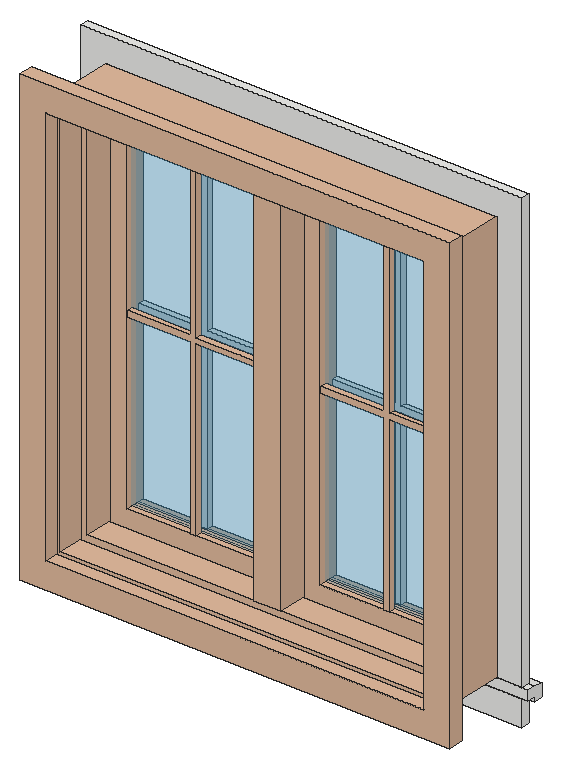
Revit family "Window-Casement-Double", category Windows, host Wall, Revit 2023
Family settings
  Host = Wall
  OmniClass Number = 23.30.20.17.21.14
  OmniClass Title = Casement Windows
  Always vertical = Yes
  Cut with Voids When Loaded = Yes
  Shared = Yes
  Room Calculation Point = Yes
Parameters (values of type "34" x 36"")
  Frame Extension [instance] = if(Exterior Trim Visibility, Window Inset + 0' 0 1/4", 0' 0 1/4")  # 0' - 0 1/4"
  Window Inset [instance] = 0' - 0"
  Wall Thickness [instance] = 0' - 6"
  Interior Wall Closure [instance] = 0' - 2 1/4"
  Interior Trim Material = Wood - Stained
  Half Width = Width / 2  # 1' - 5"
  Visual Light Transmittance = 0.81
  Thermal Resistance (R) = 1.8146 (h·ft²·°F)/BTU
  Solar Heat Gain Coefficient = 0.76
  Rough Width = Width + 0' 0 1/2"  # 2' - 10 1/2"
  Rough Height = Height + 0' 0 1/2"  # 3' - 0 1/2"
  Muntin Visibility = yes
  Muntin Pattern = Muntin Pattern_2x2 : Muntin Pattern_2x2
  Interior Trim Visibility [instance] = yes
  Interior Trim = Trim-Window-Interior-Flat : Picture Frame
  Height = 3' - 0"
  Interior Frame Material = Wood - Stained
  Heat Transfer Coefficient (U) = 0.5511 BTU/(h·ft²·°F)
  Glass Panel Material = Glass
  Fire Rating = "0.5h"
  Exterior Wall Closure [instance] = 0' - 1 1/4"
  Exterior Trim Visibility [instance] = yes
  Exterior Trim Material = Clad - White
  Exterior Trim = Trim-Window-Exterior-Flat : with Sill
  Exterior Frame Material = Clad - White
  Extension Jamb Visibility [instance] = and(Interior Trim Visibility, Wall Thickness - Window Inset > 0' 3 3/4")  # yes
  Extension Jamb [instance] = if(Wall Thickness - Window Inset > 0' 3 3/4", Wall Thickness - Window Inset - 0' 3 3/4", 0' 1")  # 0' - 2 1/4"
  Define Thermal Properties by = Schematic Type
  Default Sill Height = 3' - 0"
  Wall Closure = By host
  Width = 2' - 10"
  Assembly Code = "B2020100"
  Analytic Construction = "Double glazing - domestic"
Reference planes (in)
  plane 1 "Center (Front/Back)": y = 0
  plane 2: z = 0
  plane 3 "Center (Left/Right)": x = 0
  plane 4 "Left": x = -17
  plane 5 "Right": x = 17
  plane 6 "Sill": z = 36
  plane 7 "Top": z = 72
  plane 8 "Inset Face": y = 3
  plane 9 "Wall Closure": y = -0.75
  plane 10 "Sash Face": y = 3.5
  plane 11 "Exterior": y = 3
  plane 12: x = 16.5
  plane 13: x = -16.5
  plane 14: z = 71.5
  plane 15: z = 36.5
  plane 16: x = 14.25
  plane 17: x = -14.25
  plane 18: z = 69.25
  plane 19: z = 38.75
  plane 20: x = 0.375
  plane 21: x = -0.375
  plane 22: y = 2.25
  plane 23 "Glass": y = 2.625
  plane 24 "Middle": z = 54
  plane 25: y = 3.75
  plane 26: y = 3.75
  plane 27 "Interior": y = -3
  plane 28 "Jamb": y = -0.75
  plane 29: x = -1.1875
  plane 30: x = 1.1875
  plane 31: x = 2.625
  plane 32: x = -2.625
  plane 33: y = -0.75
  plane 34: y = 1.75
  plane 35: y = 3.75
Forms (in)
  Sweep 1, solid, material "Wood - Stained" <- "Interior Frame Material"
    path origin (0, 3.5, 0) x (-1, 0, 0) y (0, 0, 1)
      loop
        line (-17, 36) -> (17, 36) -> (17, 72) -> (-17, 72) -> (-17, 36)
    profile origin (17, 3.5, 54) x (1, 0, 0) y (0, 1, 0)
      loop
        line (0, 0.25) -> (-0.5, 0.25) -> (-0.5, -1.75) -> (-1.25, -1.75) -> (-1.25, -4.25) -> (0, -4.25) -> (0, 0.25)
  Extrusion 2, solid, material "Wood - Stained" <- "Interior Frame Material", visible <- "Extension Jamb Visibility"
    sketch origin (0, 0, 0) x (1, 0, 0) y (0, 0, 1)
      loop
        line (17, 72) -> (-17, 72) -> (-17, 36) -> (17, 36) -> (17, 72)
      loop
        line (16.25, 36.75) -> (16.25, 71.25) -> (-16.25, 71.25) -> (-16.25, 36.75) -> (16.25, 36.75)
    from 0.75 to 3
  Sweep 3, solid, material "Wood - Stained" <- "Interior Frame Material"
    path origin (0, 3.5, 0) x (-1, 0, 0) y (0, 0, 1)
      loop
        line (-16.5, 71.5) -> (-16.5, 36.5) -> (-0.375, 36.5) -> (-0.375, 71.5) -> (-16.5, 71.5)
    profile origin (16.5, 3.5, 54) x (0, 1, 0) y (-1, 0, 0)
      loop
        line (0, 0) -> (0, 2.25) -> (-1.75, 2.25) -> (-1.75, 0) -> (0, 0)
  Sweep 4, solid, material "Wood - Stained" <- "Interior Frame Material"
    path origin (0, 3.5, 0) x (-1, 0, 0) y (0, 0, 1)
      loop
        line (0.375, 36.5) -> (16.5, 36.5) -> (16.5, 71.5) -> (0.375, 71.5) -> (0.375, 36.5)
    profile origin (-0.375, 3.5, 54) x (1, 0, 0) y (0, 1, 0)
      loop
        line (0, 0) -> (-2.25, 0) -> (-2.25, -1.75) -> (0, -1.75) -> (0, 0)
  Extrusion 5, solid, material "Glass"
    sketch origin (0, 0, 36) x (0, -1, 0) y (1, 0, 0)
      loop
        line (-3, 2.625) -> (-2.75, 2.625) -> (-2.75, 14.25) -> (-3, 14.25) -> (-3, 2.625)
      loop
        line (-2.25, 14.25) -> (-2.5, 14.25) -> (-2.5, 2.625) -> (-2.25, 2.625) -> (-2.25, 14.25)
    from 2.75 to 33.25
  Extrusion 6, solid, material "Glass"
    sketch origin (-27.625, 0, 36) x (0, -1, 0) y (1, 0, 0)
      loop
        line (-3, 13.375) -> (-2.75, 13.375) -> (-2.75, 25) -> (-3, 25) -> (-3, 13.375)
      loop
        line (-2.25, 25) -> (-2.5, 25) -> (-2.5, 13.375) -> (-2.25, 13.375) -> (-2.25, 25)
    from 2.75 to 33.25
  Extrusion 7, solid, material "Wood - Stained" <- "Interior Frame Material"
    sketch origin (0, 0, 36) x (0, -1, 0) y (1, 0, 0)
      loop
        line (-3.75, -0.375) -> (-1.75, -0.375) -> (-1.75, -1.1875) -> (0.75, -1.1875) -> (0.75, 1.1875) -> (-1.75, 1.1875) -> (-1.75, 0.375) -> (-3.75, 0.375) -> (-3.75, -0.375)
    from 0.5 to 35.5
  Extrusion 8, void
    sketch origin (0, 0, 0) x (1, 0, 0) y (0, 0, 1)
      loop
        line (1.1875, 37.25) -> (-1.1875, 37.25) -> (-1.1875, 36.5) -> (1.1875, 36.5) -> (1.1875, 37.25)
      loop
        line (1.1875, 70.75) -> (1.1875, 71.5) -> (-1.1875, 71.5) -> (-1.1875, 70.75) -> (1.1875, 70.75)
    from -1.75 to 0.75
Cuts and joins
  Extrusion 8 cuts Extrusion 7
Lines and regions (in)
  Opening 1
    outline origin (-60, -3, 0) x (1, 0, 0) y (0, 0, 1)
      loop
        line (43, 72) -> (43, 36) -> (77, 36) -> (77, 72) -> (43, 72)
  Split face 1
    outline origin (14.25, 3.5, 38.75) x (-1, 0, 0) y (0, -1, 0)
      loop
        line (11.625, 0.5) -> (0, 0.5)
  Split face 2
    outline origin (14.25, 3.5, 69.25) x (0, 0, -1) y (0, -1, 0)
      loop
        line (0, 0.5) -> (30.5, 0.5)
  Split face 3
    outline origin (2.625, 3.5, 38.75) x (0, 0, 1) y (0, -1, 0)
      loop
        line (30.5, 0.5) -> (0, 0.5)
  Split face 4
    outline origin (2.625, 3.5, 69.25) x (0, -1, 0) y (1, 0, 0)
      loop
        line (0.5, 0) -> (0.5, 11.625)
  Split face 5
    outline origin (-14.25, 1.75, 38.75) x (1, 0, 0) y (0, 1, 0)
      loop
        line (0, 1.25) -> (11.625, 1.25)
  Split face 6
    outline origin (-2.625, 1.75, 38.75) x (0, 0, 1) y (0, 1, 0)
      loop
        line (30.5, 1.25) -> (0, 1.25)
  Split face 7
    outline origin (-14.25, 1.75, 69.25) x (0, 0, -1) y (0, 1, 0)
      loop
        line (30.5, 1.25) -> (0, 1.25)
  Split face 8
    outline origin (-2.625, 1.75, 69.25) x (0, 1, 0) y (-1, 0, 0)
      loop
        line (1.25, 11.625) -> (1.25, 0)
  symbolic lines, style "Elevation Swing"
    curve 1: line (0.375, 0, 71.5) -> (16.5, 0, 54)
    curve 2: line (16.5, 0, 54) -> (0.375, 0, 36.5)
    curve 3: line (-0.375, 0, 71.5) -> (-16.5, 0, 54)
    curve 4: line (-16.5, 0, 54) -> (-0.375, 0, 36.5)
Text (in)
  text "EXTERIOR" at (-58.6888, 50.90694, 0), in view "Ref. Level"
  text "INTERIOR" at (-58.6888, -37.76638, 0), in view "Ref. Level"
  text "Exterior" at (0, 43.65631, 123.19604), in view "Left"
  text "Exterior" at (0, 18.29385, 125.04747), in view "Right"
Dimensions and locks (in)
  equal spacing: plane 4 "Left", plane 3 "Center (Left/Right)", plane 5 "Right"
  "Width": plane 4 "Left" to plane 5 "Right"
  "Height": plane 6 "Sill" to plane 7 "Top"
  "Default Sill Height": plane 2 to plane 6 "Sill"
  locked: plane 10 "Sash Face" to plane 8 "Inset Face" at 0.5
  "Wall Thickness": host wall to host wall
  "Window Inset": plane 11 "Exterior" to plane 8 "Inset Face"
  locked: Sweep 1 sketch curve to plane 5 "Right" at 1.25
  locked: Sweep 1 sketch curve to plane 5 "Right" at 0.5
  locked: plane 10 "Sash Face" to Sweep 1 sketch curve at 1.75
  locked: plane 12 to plane 5 "Right" at 0.5
  locked: plane 4 "Left" to plane 13 at 0.5
  locked: plane 14 to plane 7 "Top" at 0.5
  locked: plane 6 "Sill" to plane 15 at 0.5
  locked: plane 16 to plane 12 at 2.25
  locked: plane 13 to plane 17 at 2.25
  locked: plane 18 to plane 14 at 2.25
  locked: plane 15 to plane 19 at 2.25
  locked: Extrusion 2 sketch curve to plane 7 "Top" at 0.75
  locked: Extrusion 2 sketch curve to plane 5 "Right" at 0.75
  locked: Extrusion 2 sketch curve to plane 4 "Left" at 0.75
  locked: plane 6 "Sill" to Extrusion 2 sketch curve at 0.75
  equal spacing: plane 21, plane 3 "Center (Left/Right)", plane 20
  locked: plane 21 to plane 20 at 0.75
  plane 22 to Sweep 3 = 0' - 0 1/2"
  equal spacing: plane 8 "Inset Face", plane 23 "Glass", plane 22
  locked: plane 8 "Inset Face" to plane 22 at 0.75
  equal spacing: plane 6 "Sill", plane 24 "Middle", plane 7 "Top"
  locked: plane 25 to plane 11 "Exterior" at 0.75
  locked: plane 26 to plane 10 "Sash Face" at 0.25
  "Extension Jamb": plane 28 "Jamb" to plane 27 "Interior"
  locked: plane 8 "Inset Face" to plane 9 "Wall Closure" at 3.75
  equal spacing: plane 29, plane 3 "Center (Left/Right)", plane 30
  locked: plane 29 to plane 30 at 2.375
  Extrusion 2 to Extrusion 8 = 2' - 11 1/2"
  locked: plane 30 to plane 31 at 1.4375
  locked: plane 29 to plane 32 at 1.4375
  "Interior Wall Closure": plane 33 to plane 27 "Interior"
  "Exterior Wall Closure": plane 11 "Exterior" to plane 34
  "Frame Extension": plane 35 to plane 10 "Sash Face"
  aligned and locked: plane 7 "Top" to Opening 1 sketch curve
  aligned and locked: plane 6 "Sill" to Opening 1 sketch curve  (x2)
  aligned and locked: plane 5 "Right" to Opening 1 sketch curve
  aligned and locked: plane 4 "Left" to Opening 1 sketch curve
  aligned and locked: level to plane 2
  aligned and locked: host wall to plane 11 "Exterior"
  aligned and locked: plane 5 "Right" to Sweep 1 sketch curve
  aligned and locked: plane 7 "Top" to Sweep 1 sketch curve
  aligned and locked: Sweep 1 sketch curve to plane 4 "Left"
  aligned and locked: Sweep 1 sketch curve to plane 6 "Sill"
  aligned and locked: Extrusion 2 sketch curve to host wall  (x3)
  aligned and locked: plane 7 "Top" to Extrusion 2 sketch curve
  aligned and locked: host wall to Extrusion 2
  aligned and locked: Sweep 3 sketch curve to plane 12
  aligned and locked: plane 14 to Sweep 3 sketch curve
  aligned and locked: Sweep 3 sketch curve to plane 15
  aligned and locked: plane 16 to Sweep 3 sketch curve
  aligned and locked: plane 10 "Sash Face" to Sweep 3 sketch curve
  aligned and locked: plane 20 to Sweep 3 sketch curve
  aligned and locked: plane 21 to Sweep 4 sketch curve
  aligned and locked: plane 15 to Sweep 4 sketch curve
  aligned and locked: Sweep 4 sketch curve to plane 13
  aligned and locked: Sweep 4 sketch curve to plane 14
  aligned and locked: Split face 1 sketch curve to plane 8 "Inset Face"
  aligned and locked: plane 8 "Inset Face" to Split face 2 sketch curve
  aligned and locked: plane 8 "Inset Face" to Split face 3 sketch curve
  aligned and locked: Split face 4 sketch curve to plane 8 "Inset Face"
  aligned and locked: Extrusion 5 sketch curve to plane 8 "Inset Face"
  aligned and locked: plane 16 to Extrusion 5 sketch curve
  aligned and locked: Sweep 3 to Extrusion 5 sketch curve
  aligned and locked: Extrusion 5 sketch curve to plane 22
  aligned and locked: Extrusion 5 sketch curve to plane 16
  aligned and locked: Extrusion 5 sketch curve to Sweep 3
  aligned and locked: plane 18 to Extrusion 5
  aligned and locked: Extrusion 5 to plane 19
  aligned and locked: Extrusion 6 sketch curve to plane 8 "Inset Face"
  aligned and locked: plane 22 to Extrusion 6 sketch curve
  aligned and locked: Sweep 4 to Extrusion 6 sketch curve  (x2)
  aligned and locked: Extrusion 6 sketch curve to plane 17  (x2)
  aligned and locked: plane 19 to nested 1
  aligned and locked: nested 1 to plane 23 "Glass"
  aligned and locked: plane 23 "Glass" to nested 2
  aligned and locked: nested 2 to plane 19
  aligned and locked: plane 24 "Middle" to curve 2
  aligned and locked: plane 24 "Middle" to curve 4
  aligned and locked: plane 14 to curve 1
  aligned and locked: plane 14 to curve 3
  aligned and locked: plane 15 to curve 2
  aligned and locked: plane 15 to curve 4
  aligned and locked: plane 18 to Extrusion 6
  aligned and locked: Split face 5 sketch curve to Extrusion 6
  aligned and locked: plane 8 "Inset Face" to Split face 6 sketch curve
  aligned and locked: Split face 7 sketch curve to plane 8 "Inset Face"
  aligned and locked: Split face 8 sketch curve to plane 8 "Inset Face"
  aligned and locked: plane 27 "Interior" to host wall
  aligned and locked: plane 28 "Jamb" to Extrusion 2
  aligned and locked: plane 9 "Wall Closure" to Sweep 1
  aligned and locked: Extrusion 7 sketch curve to plane 26
  aligned and locked: Extrusion 7 to Sweep 1
  aligned and locked: Sweep 1 to Extrusion 8 sketch curve
  aligned and locked: plane 30 to Extrusion 8 sketch curve
  aligned and locked: Extrusion 8 sketch curve to Extrusion 7
  aligned and locked: Extrusion 7 to Extrusion 8 sketch curve
  aligned and locked: Extrusion 8 to Sweep 1
  aligned and locked: Sweep 1 to Extrusion 8
  aligned and locked: plane 9 "Wall Closure" to Extrusion 7 sketch curve
  aligned and locked: plane 14 to cut or joined group of Extrusion 7, Extrusion 8
  aligned and locked: nested 3 to plane 11 "Exterior"
  aligned and locked: plane 27 "Interior" to nested 3
  aligned and locked: nested 3 to plane 4 "Left"
  aligned and locked: plane 3 "Center (Left/Right)" to nested 4
  aligned and locked: nested 4 to plane 11 "Exterior"
  aligned and locked: nested 3 to plane 7 "Top"
  aligned and locked: nested 4 to plane 7 "Top"
  aligned and locked: nested 2 to plane 16
  aligned and locked: nested 1 to plane 17
  aligned and locked: plane 18 to nested 1
  aligned and locked: nested 2 to plane 18
  aligned and locked: nested 2 to plane 31
  aligned and locked: nested 1 to plane 32
  aligned and locked: plane 7 "Top" to nested 6
  aligned and locked: plane 3 "Center (Left/Right)" to nested 6
  aligned and locked: plane 7 "Top" to nested 5
  aligned and locked: nested 5 to plane 3 "Center (Left/Right)"
  aligned and locked: plane 35 to Sweep 1 sketch curve
Automatic sketch dimensions
  Sweep 3 sketch curve to profile plane = 0' - 0"
  Sweep 3 sketch curve to plane 10 "Sash Face" = 0' - 1 3/4"
  Sweep 4 sketch curve to plane 10 "Sash Face" = 0' - 0"
  Sweep 4 sketch curve to profile plane = 0' - 0"
  profile plane to Sweep 4 sketch curve = 0' - 2 1/4"
  Sweep 4 sketch curve to plane 10 "Sash Face" = 0' - 1 3/4"
  Split face 1 sketch curve to Sweep 3 = 0' - 0"  (x2)
  Sweep 3 to Split face 2 sketch curve = 0' - 0"
  Split face 2 sketch curve to Sweep 3 = 0' - 0"
  Split face 3 sketch curve to Sweep 3 = 0' - 0"
  Sweep 3 to Split face 3 sketch curve = 0' - 0"
  Split face 4 sketch curve to Sweep 3 = 0' - 0"  (x2)
  plane 23 "Glass" to Extrusion 5 sketch curve = 0' - 0 1/8"
  Extrusion 5 sketch curve to plane 23 "Glass" = 0' - 0 1/8"
  plane 23 "Glass" to Extrusion 6 sketch curve = 0' - 0 1/8"
  Extrusion 6 sketch curve to plane 23 "Glass" = 0' - 0 1/8"
  plane 13 to curve 4 = 0' - 0"
  plane 21 to curve 3 = 0' - 0"
  plane 21 to curve 4 = 0' - 0"
  plane 20 to curve 2 = 0' - 0"
  plane 20 to curve 1 = 0' - 0"
  plane 12 to curve 2 = 0' - 0"
  Split face 5 sketch curve to Sweep 4 = 0' - 0"  (x2)
  Split face 6 sketch curve to Sweep 4 = 0' - 0"
  Sweep 4 to Split face 6 sketch curve = 0' - 0"
  Sweep 4 to Split face 7 sketch curve = 0' - 0"
  Split face 7 sketch curve to Sweep 4 = 0' - 0"
  Split face 8 sketch curve to Sweep 4 = 0' - 0"  (x2)
  Extrusion 7 sketch curve to plane 29 = 0' - 0"
  Extrusion 7 sketch curve to plane 21 = 0' - 0"
  Extrusion 7 sketch curve to plane 20 = 0' - 0"
  Extrusion 7 sketch curve to plane 30 = 0' - 0"
  Extrusion 7 sketch curve to plane 22 = 0' - 0 1/2"  (x2)
  Extrusion 8 sketch curve to plane 14 = 0' - 0"
  Extrusion 8 sketch curve to plane 29 = 0' - 0"
  Extrusion 8 sketch curve to plane 30 = 0' - 0"
  Extrusion 8 sketch curve to plane 14 = 0' - 0 3/4"
  Sweep 1 sketch curve to profile plane = 0' - 0"
  Sweep 1 sketch curve to Sweep 1 sketch curve = 0' - 2 1/2"
Nested families (in)
  nested 1: "Muntin Pattern_2x2" at (-8.4375, 2.625, 38.75), type <- "Muntin Pattern", Exterior Material <- "Exterior Frame Material", Interior Material <- "Interior Frame Material", visible <- "Muntin Visibility", type "Muntin Pattern_2x2"
    with Width 0' - 11 5/8", Interior Material Wood - Stained, Height 2' - 6 1/2", Exterior Material Clad - White
  nested 2: "Muntin Pattern_2x2" at (8.4375, 2.625, 38.75) x (-1, 0, 0) z (0, 0, 1), type <- "Muntin Pattern", Exterior Material <- "Exterior Frame Material", Interior Material <- "Interior Frame Material", visible <- "Muntin Visibility", type "Muntin Pattern_2x2"
    with Width 0' - 11 5/8", Interior Material Wood - Stained, Height 2' - 6 1/2", Exterior Material Clad - White
  nested 3: "Plan-Casement" at (-8.5, 3, 36), Width <- "Half Width", Height <- "Height", Window Inset <- "Window Inset", Wall Thickness <- "Wall Thickness", type "Plan-Casement"
    with Window Inset of 3D 0' - 0", Window Inset 0' - 0", Width 1' - 5", Wall Thickness 0' - 6", Top Line yes, Right Line no, RH no, Left Line yes, LH yes, Height 3' - 0", Bottom Line yes
  nested 4: "Plan-Casement" at (8.5, 3, 36), Width <- "Half Width", Height <- "Height", Wall Thickness <- "Wall Thickness", Window Inset <- "Window Inset", type "Plan-Casement"
    with Window Inset of 3D 0' - 0", Window Inset 0' - 0", Width 1' - 5", Wall Thickness 0' - 6", Top Line yes, Right Line yes, RH yes, Left Line no, LH no, Height 3' - 0", Bottom Line yes
  nested 5: "Trim-Window-Exterior-Flat" at (0, 3, 72) x (-1, 0, 0) z (0, 1, 0), visible <- "Exterior Trim Visibility", Trim Material <- "Exterior Trim Material", Opening Width <- "Width", Opening Height <- "Height", type <- "Exterior Trim", type "with Sill"
    with Trim Material Clad - White, Opening Width 2' - 10", Opening Height 3' - 0"
  nested 6: "Trim-Window-Interior-Flat" at (0, -3, 72) x (1, 0, 0) z (0, -1, 0), visible <- "Interior Trim Visibility", Trim Material <- "Interior Trim Material", Opening Width <- "Width", Opening Height <- "Height", type <- "Interior Trim", type "Picture Frame"
    with Trim Material Wood - Stained, Opening Width 2' - 10", Opening Height 3' - 0"
Definition of nested family "Muntin Pattern_2x2"
  Parameters (values of type "Muntin Pattern_2x2")
    Width [instance] = 4' - 0"
    Thickness = 0' - 0 1/2"
    Height [instance] = 4' - 0"
    Interior Material [instance] = none
    Exterior Material [instance] = none
    Distance = 0' - 0 3/4"
    Default Elevation = 0' - 0"
  Reference planes (in)
    plane 1 "Center (Front/Back)": y = 0
    plane 2: z = 0
    plane 3 "Center (Left/Right)": x = 0
    plane 4: z = 48
    plane 5: x = -24
    plane 6: x = 24
    plane 7: z = 24
    plane 8: y = 0.375
    plane 9: y = 0.875
    plane 10: y = -0.375
    plane 11: y = -0.875
  Forms (in)
    Extrusion 1, solid, material <- "Interior Material", detail levels fine
      sketch origin (0, 0, 0) x (1, 0, 0) y (0, 0, 1)
        loop
          line (-24, 24.25) -> (-24, 23.75) -> (-0.25, 23.75) -> (-0.25, 0) -> (0.25, 0) -> (0.25, 23.75) -> (24, 23.75) -> (24, 24.25) -> (0.25, 24.25) -> (0.25, 48) -> (-0.25, 48) -> (-0.25, 24.25) -> (-24, 24.25)
      from 0.375 to 0.875
    Extrusion 2, solid, material <- "Exterior Material", detail levels fine
      sketch origin (0, 0, 0) x (1, 0, 0) y (0, 0, -1)
        loop
          line (-24, -24.25) -> (-0.25, -24.25) -> (-0.25, -48) -> (0.25, -48) -> (0.25, -24.25) -> (24, -24.25) -> (24, -23.75) -> (0.25, -23.75) -> (0.25, 0) -> (-0.25, 0) -> (-0.25, -23.75) -> (-24, -23.75) -> (-24, -24.25)
      from 0.375 to 0.875
  Lines and regions (in)
    model lines, detail levels medium
      curve 1: line (0, 0.375, 48) -> (0, 0.375, 0)
      curve 2: line (-24, -0.375, 24) -> (24, -0.375, 24)
      curve 3: line (-24, 0.375, 24) -> (24, 0.375, 24)
      curve 4: line (0, -0.375, 48) -> (0, -0.375, 0)
  Dimensions and locks (in)
    equal spacing: plane 6, plane 3 "Center (Left/Right)", plane 5
    "Width": plane 6 to plane 5
    "Height": plane 4 to plane 2
    equal spacing: plane 4, plane 7, plane 2
    locked: plane 3 "Center (Left/Right)" to Extrusion 1 sketch curve at 0.25  (x4)
    locked: Extrusion 1 sketch curve to plane 7 at 0.25  (x2)
    locked: plane 7 to Extrusion 1 sketch curve at 0.25  (x2)
    "Thickness": plane 9 to plane 8
    "Thickness": plane 10 to plane 11
    "Distance": plane 8 to plane 10
    equal spacing: plane 8, plane 1 "Center (Front/Back)", plane 10
    aligned and locked: plane 2 to level
    aligned and locked: plane 4 to curve 1
    aligned and locked: plane 5 to curve 2
    aligned and locked: plane 2 to curve 1
    aligned and locked: plane 6 to curve 2
    aligned and locked: Extrusion 1 sketch curve to plane 4
    aligned and locked: Extrusion 1 sketch curve to plane 6
    aligned and locked: Extrusion 1 sketch curve to plane 5
    aligned and locked: Extrusion 1 sketch curve to level
    aligned and locked: Extrusion 1 to plane 11
    aligned and locked: plane 10 to Extrusion 1
    aligned and locked: Extrusion 2 to plane 5
    aligned and locked: plane 6 to Extrusion 2
    aligned and locked: Extrusion 2 to plane 8
    aligned and locked: plane 9 to Extrusion 2
    aligned and locked: Extrusion 2 to plane 2
    aligned and locked: plane 4 to Extrusion 2
    aligned and locked: plane 5 to curve 3
    aligned and locked: plane 6 to curve 3
    aligned and locked: plane 4 to curve 4
    aligned and locked: plane 2 to curve 4
    aligned and locked: plane 8 to curve 3
  Automatic sketch dimensions
    curve 2 to plane 7 = 0' - 0"
    Extrusion 2 sketch curve to plane 5 = 0' - 0"
    Extrusion 2 sketch curve to level = 0' - 0"
    Extrusion 2 sketch curve to plane 4 = 0' - 0"
    Extrusion 2 sketch curve to plane 6 = 0' - 0"
    Extrusion 2 sketch curve to plane 3 "Center (Left/Right)" = 0' - 0 1/4"  (x2)
    plane 3 "Center (Left/Right)" to Extrusion 2 sketch curve = 0' - 0 1/4"  (x2)
    plane 7 to Extrusion 2 sketch curve = 0' - 0 1/4"  (x2)
    Extrusion 2 sketch curve to plane 7 = 0' - 0 1/4"  (x2)
    curve 4 to plane 3 "Center (Left/Right)" = 0' - 0"
    curve 4 to level = 0' - 0"
    curve 4 to plane 4 = 0' - 0"
    curve 3 to plane 6 = 0' - 0"
    curve 1 to plane 3 "Center (Left/Right)" = 0' - 0"
    curve 3 to plane 5 = 0' - 0"
    curve 3 to plane 7 = 0' - 0"
Definition of nested family "Trim-Window-Exterior-Flat"
  Parameters (values of type "with Sill")
    Trim Width = 0' - 2 1/4"
    Trim Thickness_Picture Frame = 0' - 1 1/4"
    Trim Thickness_with Sill = 0' - 0 3/4"
    Trim Material [instance] = none
    Sill Thickness = 0' - 1 1/4"
    Sill = yes
    Picture Frame = no
    Opening Width [instance] = 2' - 0"
    Opening Height [instance] = 3' - 0"
    Default Elevation = 4' - 0"
  Types (2): name | Sill | Picture Frame
    with Sill | yes | no
    Picture Frame | no | yes
  Reference planes (in)
    plane 1 "Center (Front/Back)": y = 0
    plane 2: z = 0
    plane 3 "Center (Left/Right)": x = 0
    plane 4: y = 2.25
    plane 5 "Left": x = -12
    plane 6 "Right": x = 12
    plane 7 "Bottom": y = -36
    plane 8: y = -37.25
    plane 9: y = -39.12332
    plane 10: x = 14.25
    plane 11: x = -14.25
    plane 12: z = 0.75
    plane 13: z = 1.25
    plane 14: x = 14.75
    plane 15: x = -14.75
    plane 16: y = -36.87332
    plane 17: y = -38.25
    plane 18: z = 0.5
    plane 19: y = -18
    plane 20: z = 1.5
  Forms (in)
    Extrusion 1, solid
      sketch origin (0, 0, 0) x (1, 0, 0) y (0, 1, 0)
        loop
          line (-14.25, 2.25) -> (-14.25, -39.12332) -> (14.25, -39.12332) -> (14.25, 2.25) -> (-14.25, 2.25)
      from 0 to -12
    Extrusion 2, solid, material <- "Trim Material", visible <- "Sill"
      sketch origin (0, 0, 0) x (1, 0, 0) y (0, 1, 0)
        loop
          line (-14.25, -36) -> (-12, -36) -> (-12, 0) -> (12, 0) -> (12, -36) -> (14.25, -36) -> (14.25, 2.25) -> (-14.25, 2.25) -> (-14.25, -36)
      from 0 to 0.75
    Extrusion 3, solid, material <- "Trim Material", visible <- "Sill"
      sketch origin (0, 0, 0) x (0, 1, 0) y (0, 0, 1)
        loop
          line (-36.09677, 1.5) -> (-37.25, 1.5) -> (-37.25, 0.75) -> (-36.87332, 0.75) -> (-36.87332, 0) -> (-36, 0) -> (-36, 0.75) -> (-36.09677, 1.5)
      from -14.75 to 14.75
    Extrusion 4, solid, material <- "Trim Material", visible <- "Sill"
      sketch origin (0, 0, 0) x (1, 0, 0) y (0, 1, 0)
        loop
          line (-14.25, -36.87332) -> (-14.25, -39.12332) -> (14.25, -39.12332) -> (14.25, -36.87332) -> (-14.25, -36.87332)
      from 0 to 0.75
    Extrusion 5, solid, material <- "Trim Material", visible <- "Picture Frame"
      sketch origin (0, 0, 0) x (1, 0, 0) y (0, 1, 0)
        loop
          line (-12, 0) -> (-12, -36) -> (12, -36) -> (12, 0) -> (-12, 0)
        loop
          line (-14.25, 2.25) -> (-14.25, -38.25) -> (14.25, -38.25) -> (14.25, 2.25) -> (-14.25, 2.25)
      from 0 to 1.25
  Dimensions and locks (in)
    equal spacing: plane 5 "Left", plane 3 "Center (Left/Right)", plane 6 "Right"
    "Opening Width": plane 5 "Left" to plane 6 "Right"
    "Opening Height": plane 7 "Bottom" to plane 1 "Center (Front/Back)"
    "Sill Thickness": plane 7 "Bottom" to plane 8
    "Trim Width": plane 11 to plane 5 "Left"
    "Trim Width": plane 6 "Right" to plane 10
    "Trim Width": plane 1 "Center (Front/Back)" to plane 4
    locked: plane 15 to plane 11 at 0.5
    locked: plane 10 to plane 14 at 0.5
    locked: plane 16 to plane 8 at 0.37668
    "Trim Width": plane 9 to plane 16
    "Trim Width": plane 17 to plane 7 "Bottom"
    locked: plane 18 to plane 2 at 0.5
    equal spacing: plane 7 "Bottom", plane 19, plane 1 "Center (Front/Back)"
    locked: plane 20 to plane 12 at 0.75
    "Trim Thickness_with Sill": plane 12 to plane 2
    "Trim Thickness_Picture Frame": plane 13 to plane 2
    aligned and locked: plane 2 to Extrusion 1
    aligned and locked: level to Extrusion 1
    aligned and locked: Extrusion 2 sketch curve to plane 5 "Left"
    aligned and locked: Extrusion 2 sketch curve to plane 11
    aligned and locked: plane 7 "Bottom" to Extrusion 2 sketch curve  (x2)
    aligned and locked: plane 1 "Center (Front/Back)" to Extrusion 2 sketch curve
    aligned and locked: plane 10 to Extrusion 2 sketch curve
    aligned and locked: Extrusion 2 sketch curve to plane 6 "Right"
    aligned and locked: plane 12 to Extrusion 2
    aligned and locked: Extrusion 3 sketch curve to level
    aligned and locked: plane 7 "Bottom" to Extrusion 3 sketch curve
    aligned and locked: Extrusion 3 sketch curve to plane 8
    aligned and locked: plane 15 to Extrusion 3
    aligned and locked: Extrusion 3 to plane 14
    aligned and locked: plane 10 to Extrusion 4 sketch curve
    aligned and locked: Extrusion 4 sketch curve to plane 11
    aligned and locked: plane 16 to Extrusion 4 sketch curve
    aligned and locked: plane 9 to Extrusion 4 sketch curve
    aligned and locked: Extrusion 4 to Extrusion 2
    aligned and locked: Extrusion 2 sketch curve to plane 4
    aligned and locked: plane 1 "Center (Front/Back)" to Extrusion 5 sketch curve
    aligned and locked: Extrusion 5 sketch curve to plane 4
    aligned and locked: Extrusion 5 sketch curve to plane 17
    aligned and locked: plane 7 "Bottom" to Extrusion 5 sketch curve
    aligned and locked: Extrusion 5 sketch curve to plane 6 "Right"
    aligned and locked: plane 10 to Extrusion 5 sketch curve
    aligned and locked: Extrusion 5 sketch curve to plane 5 "Left"
    aligned and locked: Extrusion 5 sketch curve to plane 11
    aligned and locked: plane 13 to Extrusion 5
    aligned and locked: plane 20 to Extrusion 3
  Automatic sketch dimensions
    Extrusion 1 sketch curve to Extrusion 1 sketch curve = 2' - 4 1/2"
    Extrusion 1 sketch curve to Extrusion 1 sketch curve = 3' - 5.37332"
    Extrusion 3 sketch curve to plane 16 = 0' - 0"
    Extrusion 3 sketch curve to plane 12 = 0' - 0"  (x2)
    Extrusion 3 sketch curve to plane 7 "Bottom" = 0' - 0.09677"
    plane 13 to Extrusion 3 sketch curve = 0' - 0 1/4"
Definition of nested family "Trim-Window-Interior-Flat"
  Parameters (values of type "with Sill")
    Trim Thickness_Picture Frame = 0' - 1 1/4"
    Trim Width = 0' - 2 1/4"
    Trim Thickness_with Sill = 0' - 0 3/4"
    Trim Material [instance] = none
    Sill Thickness = 0' - 1 1/4"
    Sill = yes
    Picture Frame = no
    Opening Width [instance] = 2' - 0"
    Opening Height [instance] = 3' - 0"
    Default Elevation = 4' - 0"
  Types (2): name | Sill | Picture Frame
    with Sill | yes | no
    Picture Frame | no | yes
  Reference planes (in)
    plane 1 "Center (Front/Back)": y = 0
    plane 2: z = 0
    plane 3 "Center (Left/Right)": x = 0
    plane 4: y = 1.75
    plane 5 "Left": x = -12
    plane 6 "Right": x = 12
    plane 7 "Bottom": y = -36
    plane 8: y = -37.25
    plane 9: y = -39.12332
    plane 10: x = 13.75
    plane 11: x = -13.75
    plane 12: z = 0.75
    plane 13: z = 1.25
    plane 14: x = 14.25
    plane 15: x = -14.25
    plane 16: y = -36.87332
    plane 17: y = -37.75
    plane 18: z = 0.5
    plane 19: x = -11.5
    plane 20: y = -0.5
    plane 21: x = 11.5
    plane 22: y = -35.5
    plane 23: x = -13.25
    plane 24: x = 13.25
    plane 25: y = -18
  Forms (in)
    Extrusion 1, solid
      sketch origin (0, 0, 0) x (1, 0, 0) y (0, 1, 0)
        loop
          line (-13.75, 1.75) -> (-13.75, -37.75) -> (13.75, -37.75) -> (13.75, 1.75) -> (-13.75, 1.75)
      from 0 to -12
    Extrusion 2, solid, material <- "Trim Material", visible <- "Sill"
      sketch origin (0, 0, 0) x (1, 0, 0) y (0, 1, 0)
        loop
          line (-13.25, -36) -> (-11.5, -36) -> (-11.5, 0) -> (11.5, 0) -> (11.5, -36) -> (13.25, -36) -> (13.25, 1.75) -> (-13.25, 1.75) -> (-13.25, -36)
      from 0 to 0.75
    Extrusion 3, solid, material <- "Trim Material", visible <- "Sill"
      sketch origin (0, 0, 0) x (0, 1, 0) y (0, 0, 1)
        loop
          line (-36.5, 1.5) -> (-36.87332, 1.5) -> (-36.87332, 0) -> (-36, 0) -> (-36, 1)
          arc (-36, 1) -> (-36.14645, 1.35355) -> (-36.5, 1.5) r 0.5
      from -13.75 to 13.75
    Extrusion 4, solid, material <- "Trim Material", visible <- "Sill"
      sketch origin (0, 0, 0) x (1, 0, 0) y (0, 1, 0)
        loop
          line (-13.25, -36.87332) -> (-13.25, -39.12332) -> (13.25, -39.12332) -> (13.25, -36.87332) -> (-13.25, -36.87332)
      from 0 to 0.75
    Extrusion 5, solid, material <- "Trim Material", visible <- "Picture Frame"
      sketch origin (0, 0, 0) x (1, 0, 0) y (0, 1, 0)
        loop
          line (-11.5, -0.5) -> (-11.5, -35.5) -> (11.5, -35.5) -> (11.5, -0.5) -> (-11.5, -0.5)
        loop
          line (-13.75, 1.75) -> (-13.75, -37.75) -> (13.75, -37.75) -> (13.75, 1.75) -> (-13.75, 1.75)
      from 0 to 1.25
  Dimensions and locks (in)
    equal spacing: plane 5 "Left", plane 3 "Center (Left/Right)", plane 6 "Right"
    "Opening Width": plane 5 "Left" to plane 6 "Right"
    "Opening Height": plane 7 "Bottom" to plane 1 "Center (Front/Back)"
    "Sill Thickness": plane 7 "Bottom" to plane 8
    "Trim Width": plane 11 to plane 19
    "Trim Width": plane 21 to plane 10
    "Trim Width": plane 20 to plane 4
    "Trim Thickness_with Sill": plane 12 to plane 2
    locked: plane 15 to plane 11 at 0.5
    locked: plane 10 to plane 14 at 0.5
    locked: plane 16 to plane 8 at 0.37668
    "Trim Width": plane 9 to plane 16
    "Trim Width": plane 17 to plane 22
    plane 20 to plane 1 "Center (Front/Back)" = 0' - 0 1/2"
    plane 5 "Left" to plane 19 = 0' - 0 1/2"
    plane 21 to plane 6 "Right" = 0' - 0 1/2"
    plane 22 to plane 7 "Bottom" = 0' - 0 1/2"
    locked: plane 11 to plane 23 at 0.5
    locked: plane 24 to plane 10 at 0.5
    equal spacing: plane 7 "Bottom", plane 25, plane 1 "Center (Front/Back)"
    "Trim Thickness_Picture Frame": plane 13 to plane 2
    locked: Extrusion 3 to plane 12 at 0.75
    locked: plane 12 to Extrusion 3 sketch curve at 0.75
    radius of Extrusion 3 sketch curve = 0' - 0 1/2"
    aligned and locked: plane 2 to Extrusion 1
    aligned and locked: level to Extrusion 1
    aligned and locked: plane 7 "Bottom" to Extrusion 2 sketch curve  (x2)
    aligned and locked: plane 1 "Center (Front/Back)" to Extrusion 2 sketch curve
    aligned and locked: plane 12 to Extrusion 2
    aligned and locked: Extrusion 3 sketch curve to level
    aligned and locked: plane 7 "Bottom" to Extrusion 3 sketch curve
    aligned and locked: plane 16 to Extrusion 4 sketch curve
    aligned and locked: plane 9 to Extrusion 4 sketch curve
    aligned and locked: Extrusion 2 sketch curve to plane 4
    aligned and locked: Extrusion 5 sketch curve to plane 4
    aligned and locked: Extrusion 5 sketch curve to plane 17
    aligned and locked: plane 10 to Extrusion 5 sketch curve
    aligned and locked: Extrusion 5 sketch curve to plane 11
    aligned and locked: plane 13 to Extrusion 5
    aligned and locked: Extrusion 5 sketch curve to plane 20
    aligned and locked: Extrusion 5 sketch curve to plane 19
    aligned and locked: Extrusion 5 sketch curve to plane 21
    aligned and locked: plane 22 to Extrusion 5 sketch curve
    aligned and locked: Extrusion 4 to plane 24
    aligned and locked: plane 11 to Extrusion 3
    aligned and locked: Extrusion 3 to plane 10
    aligned and locked: Extrusion 2 sketch curve to plane 21
    aligned and locked: Extrusion 2 sketch curve to plane 24
    aligned and locked: Extrusion 2 sketch curve to plane 19
    aligned and locked: Extrusion 2 sketch curve to plane 23
    aligned and locked: plane 12 to Extrusion 4
  Automatic sketch dimensions
    Extrusion 1 sketch curve to Extrusion 1 sketch curve = 2' - 3 1/2"
    Extrusion 1 sketch curve to Extrusion 1 sketch curve = 3' - 3 1/2"
    Extrusion 3 sketch curve to plane 16 = 0' - 0"
    Extrusion 4 sketch curve to plane 11 = 0' - 0 1/2"
    Extrusion 4 sketch curve to plane 24 = 0' - 0"
Definition of nested family "Plan-Casement"
  Parameters (values of type "Plan-Casement")
    Window Inset [instance] = 0' - 1"
    Window Inset of 3D [instance] = if(Window Inset - 0' 0 1/2" < 0' 0", 0' 0", if(Window Inset - 0' 0 1/2" < Wall Thickness - 0' 3 1/2", Window Inset - 0' 0 1/2", Wall Thickness - 0' 3 1/2"))  # 0' - 0 1/2"
    Width [instance] = 4' - 0"
    Wall Thickness [instance] = 0' - 6"
    Top Line [instance] = yes
    Right Line [instance] = yes
    RH [instance] = yes
    Left Line [instance] = yes
    LH [instance] = yes
    Height [instance] = 3' - 0"
    Default Elevation = 4' - 0"
    Bottom Line [instance] = yes
    Analytic Construction = "<None>"
  Reference planes (in)
    plane 1 "Center (Front/Back)": y = 0
    plane 2: z = 0
    plane 3 "Center (Left/Right)": x = 0
    plane 4: x = -24
    plane 5: x = 24
    plane 6 "Jamb": y = -4
    plane 7: x = -23.5
    plane 8: x = -22.75
    plane 9: y = -0.5
    plane 10: y = -2.25
    plane 11: y = -1.375
    plane 12: x = -21.25
    plane 13: x = 23.5
    plane 14: x = 22.75
    plane 15: x = 21.25
    plane 16 "Window Inset": y = -1
    plane 17 "Wall": y = -6
    plane 18: z = 36
    plane 19: z = 35.5
    plane 20: z = 0.5
    plane 21: z = 34.75
    plane 22: z = 1.25
    plane 23: z = 33.25
    plane 24: z = 2.75
  Lines and regions (in)
    Masking region 1
      outline origin (0, 0.75, 0) x (1, 0, 0) y (0, 1, 0)
        loop
          line (-24, -0.75) -> (-24, -6.75) -> (24, -6.75) -> (24, -0.75) -> (-24, -0.75)
    Masking region 2
      outline origin (0, 0, 0) x (0, 1, 0) y (0, 0, 1)
        loop
          line (0, 36) -> (-6, 36) -> (-6, 0) -> (0, 0) -> (0, 36)
    symbolic lines
      curve 1: line (-23.5, -2.25, 0) -> (-22.75, -2.25, 0)
      curve 2: line (-22.75, -2.25, 0) -> (-22.75, -4, 0)
      curve 3: line (-23.5, -0.5, 0) -> (-23.5, -2.25, 0)
      curve 4: line (-21.25, -0.5, 0) -> (-21.25, -2.25, 0)
      curve 5: line (-21.25, -2.25, 0) -> (-22.75, -2.25, 0)
      curve 6: line (-21.25, -1.375, 0) -> (21.25, -1.375, 0)
      curve 7: line (23.5, -2.25, 0) -> (22.75, -2.25, 0)
      curve 8: line (22.75, -2.25, 0) -> (22.75, -4, 0)
      curve 9: line (23.5, -0.5, 0) -> (23.5, -2.25, 0)
      curve 10: line (21.25, -0.5, 0) -> (21.25, -2.25, 0)
      curve 11: line (21.25, -2.25, 0) -> (22.75, -2.25, 0)
      curve 14: line (-24, -4, 0) -> (-22.75, -4, 0)
      curve 15: line (22.75, -4, 0) -> (24, -4, 0)
      curve 16: line (22.75, -4, 0) -> (-22.75, -4, 0)
      curve 17: line (0, -0.5, 35.5) -> (0, -2.25, 35.5)
      curve 18: line (0, -2.25, 34.75) -> (0, -4, 34.75)
      curve 19: line (0, -0.5, 0.5) -> (0, -2.25, 0.5)
      curve 20: line (0, -2.25, 0.5) -> (0, -2.25, 2.75)
      curve 21: line (0, -2.25, 1.25) -> (0, -4, 1.25)
      curve 22: line (0, -0.5, 36) -> (0, -0.5, 33.25)
      curve 23: line (0, -0.5, 33.25) -> (0, -2.25, 33.25)
      curve 24: line (0, -2.25, 2.75) -> (0, -0.5, 2.75)
      curve 25: line (0, -1.375, 2.75) -> (0, -1.375, 33.25)
      curve 28: line (0, -2.25, 35.5) -> (0, -2.25, 33.25)
      curve 29: line (21.25, -0.5, 0) -> (24, -0.5, 0)
      curve 30: line (-21.25, -0.5, 0) -> (-24, -0.5, 0)
      curve 31: line (0, -0.5, 2.75) -> (0, -0.5, 0)
      curve 32: line (-21.25, -0.5, 0) -> (21.25, -0.5, 0)
      curve 33: line (0, -0.5, 33.25) -> (0, -0.5, 2.75)
      curve 38: line (0, -4, 1.25) -> (0, -4, 34.75)
      curve 39: line (0, -4, 1.25) -> (0, -4, 0)
      curve 40: line (0, -4, 36) -> (0, -4, 34.75)
    symbolic lines, visible <- "RH"
      curve 12: arc (-23.5, -0.5, 0) -> (-19.92234, 17.48612, 0) -> (-9.73402, 32.73402, 0) r 47
      curve 26: line (23.5, -0.5, 0) -> (-9.73402, 32.73402, 0)
    symbolic lines, visible <- "LH"
      curve 13: line (-23.5, -0.5, 0) -> (9.73402, 32.73402, 0)
      curve 27: arc (23.5, -0.5, 0) -> (19.92234, 17.48612, 0) -> (9.73402, 32.73402, 0) r 47
    symbolic lines, visible <- "Right Line"
      curve 34: line (24, 0, 0) -> (24, -6, 0)
    symbolic lines, visible <- "Left Line"
      curve 35: line (-24, 0, 0) -> (-24, -6, 0)
    symbolic lines, visible <- "Top Line"
      curve 36: line (0, 0, 36) -> (0, -6, 36)
    symbolic lines, visible <- "Bottom Line"
      curve 37: line (0, 0, 0) -> (0, -6, 0)
  Dimensions and locks (in)
    "Width": plane 4 to plane 5
    equal spacing: plane 4, plane 3 "Center (Left/Right)", plane 5
    plane 4 to plane 7 to plane 8 = 0' - 0 1/2" locked, 0' - 0 3/4" locked
    equal spacing: plane 9, plane 11, plane 10
    locked: plane 7 to plane 12 at 2.25
    plane 5 to plane 13 to plane 14 = 0' - 0 1/2" locked, 0' - 0 3/4" locked
    locked: plane 13 to plane 15 at 2.25
    locked: plane 9 to plane 16 "Window Inset" at 0.5
    locked: plane 9 to plane 10 at 1.75
    "Wall Thickness": plane 17 "Wall" to plane 1 "Center (Front/Back)"
    "Height": plane 18 to plane 2
    locked: plane 18 to plane 19 at 0.5
    locked: plane 20 to plane 2 at 0.5
    locked: plane 19 to plane 21 at 0.75
    locked: plane 22 to plane 20 at 0.75
    locked: plane 19 to plane 23 at 2.25
    locked: plane 24 to plane 20 at 2.25
    locked: plane 10 to plane 6 "Jamb" at 1.75
    "Window Inset of 3D": plane 9 to plane 1 "Center (Front/Back)"
    locked: plane 9 to curve 13 (angle 45.00°)
    angle curve 26 to plane 16 "Window Inset" = 45.00°
    aligned and locked: plane 2 to level
    aligned and locked: curve 2 to plane 8
    aligned and locked: curve 1 to plane 10
    aligned and locked: plane 14 to curve 8
    aligned and locked: curve 14 to plane 6 "Jamb"
    aligned and locked: curve 15 to plane 6 "Jamb"
    aligned and locked: plane 21 to curve 18
    aligned and locked: plane 19 to curve 17
    aligned and locked: plane 22 to curve 21
    aligned and locked: plane 10 to curve 20
    aligned and locked: plane 20 to curve 19
    aligned and locked: curve 22 to plane 9
    aligned and locked: plane 23 to curve 23
    aligned and locked: curve 24 to plane 24
    aligned and locked: plane 11 to curve 25
    aligned and locked: plane 13 to curve 27
    aligned and locked: plane 9 to curve 13
    aligned and locked: plane 9 to curve 26
    aligned and locked: plane 5 to curve 29
    aligned and locked: plane 18 to curve 22
    aligned and locked: plane 9 to curve 17
    aligned and locked: plane 9 to curve 19
    aligned and locked: plane 9 to curve 3
    aligned and locked: plane 9 to curve 9
    aligned and locked: curve 28 to plane 10
    aligned and locked: plane 19 to curve 28
    aligned and locked: plane 23 to curve 28
    aligned and locked: plane 4 to curve 30
    aligned and locked: plane 9 to curve 31
    aligned and locked: plane 2 to curve 31
    aligned and locked: curve 32 to plane 9
    aligned and locked: plane 12 to curve 32
    aligned and locked: plane 15 to curve 32
    aligned and locked: plane 24 to curve 33
    aligned and locked: plane 1 "Center (Front/Back)" to curve 34
    aligned and locked: plane 17 "Wall" to curve 34
    aligned and locked: curve 34 to plane 5
    aligned and locked: plane 17 "Wall" to curve 35
    aligned and locked: plane 1 "Center (Front/Back)" to curve 35
    aligned and locked: curve 35 to plane 4
    aligned and locked: plane 17 "Wall" to curve 37
    aligned and locked: plane 1 "Center (Front/Back)" to curve 37
    aligned and locked: curve 37 to plane 2
    aligned and locked: plane 17 "Wall" to curve 36
    aligned and locked: plane 1 "Center (Front/Back)" to curve 36
    aligned and locked: curve 36 to plane 18
    aligned and locked: plane 1 "Center (Front/Back)" to Masking region 1 sketch curve
    aligned and locked: plane 17 "Wall" to Masking region 1 sketch curve
    aligned and locked: plane 4 to Masking region 1 sketch curve
    aligned and locked: Masking region 1 sketch curve to plane 5
    aligned and locked: plane 2 to Masking region 2 sketch curve
    aligned and locked: Masking region 2 sketch curve to plane 18
    aligned and locked: plane 1 "Center (Front/Back)" to Masking region 2 sketch curve
    aligned and locked: plane 17 "Wall" to Masking region 2 sketch curve
    aligned and locked: plane 6 "Jamb" to curve 21
    aligned and locked: plane 6 "Jamb" to curve 18
    aligned and locked: plane 10 to curve 18
    aligned and locked: plane 10 to curve 21
    aligned and locked: plane 22 to curve 39
    aligned and locked: plane 21 to curve 40
    aligned and locked: plane 6 "Jamb" to curve 40
  Automatic sketch dimensions
    curve 3 to plane 7 = 0' - 0"
    curve 27 to plane 7 = 0' - 0"
    curve 12 to plane 13 = 0' - 0"
    curve 7 to plane 10 = 0' - 0"
    curve 6 to plane 11 = 0' - 0"
